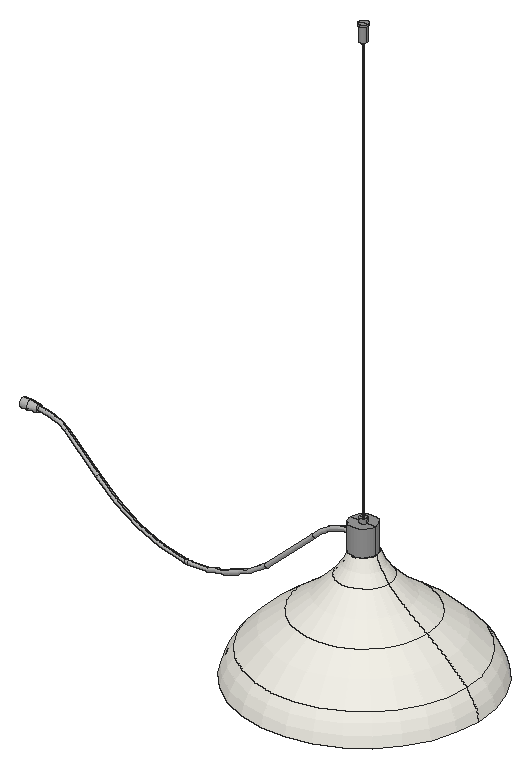
Revit family "Haworth_Swell_StringsOneLight", category Lighting Fixtures, Revit 2018
Family settings
  Round Connector Dimension = Use Diameter
  Part Type = Normal
  OmniClass Number = 23.80.70.11.14
  OmniClass Title = General Luminaries, Directional
  Work Plane-Based = No
  Always vertical = Yes
  Cut with Voids When Loaded = No
  Light Source = Yes
  Shared = No
  Room Calculation Point = No
Parameters (values of type "LSP2-1610")
  Wattage = 11 W
  built-in parameter 1150110 = 1 (stored number, unit not read)
  built-in parameter 1114217 = 1 (stored number, unit not read)
  Top Finish = Haworth _ Metal _ Stainless Steel
  Tilt Angle = 60.00°
  built-in parameter 1150109 = 1 (stored number, unit not read)
  built-in parameter 1150134 = (empty or 0)
  built-in parameter 1150113 = 1 (stored number, unit not read)
  Small = no
  Size = "Verify Final Dim. w/Haworth"  # constant formula
  Photometric Web File = "generic"
  built-in parameter 1150142 = (empty or 0)
  Medium = no
  built-in parameter 1150105 = 63.901 (stored number, unit not read)
  Lumens = 803 lm
  built-in parameter 1150115 = 1 (stored number, unit not read)
  built-in parameter 1150137 = (empty or 0)
  built-in parameter 1150139 = (empty or 0)
  Large = not(or(Small, Medium))  # yes
  built-in parameter 1150112 = 1 (stored number, unit not read)
  built-in parameter 1150114 = 1 (stored number, unit not read)
  built-in parameter 1150132 = (empty or 0)
  built-in parameter 1150102 = (empty or 0)
  built-in parameter 1150107 = 3000 (stored number, unit not read)
  built-in parameter 1150138 = (empty or 0)
  built-in parameter 1150106 = 0.63901 (stored number, unit not read)
  Emit from Circle Diameter = 24"
  Emit Shape Visible in Rendering = no
  built-in parameter 1150104 = 6.7819 (stored number, unit not read)
  Dimming Lamp Color Temperature Shift = <None>
  Cords Finish = Haworth _ Paint _ Metallic Silver
  Wattage Comments = ""
  Warranty = "https://www.haworth.com/resources/product-info/warranties"
  URL - Product = "https://www.haworth.com/products/lighting/pendant/swell"
  URL = "http://www.haworth.com/our-brands/haworth-collection"
  Revision Number = "1"  # constant formula
  Model = "LSP2-1610"
  Manufacturer = "Haworth"  # constant formula
  Lamp Finish [instance] = Haworth _ Paint _ Collection White
  Glass Finish = Haworth _ Glass _ Clear
  Description = "Haworth Swell String with One Light Large"
  Color Filter = 16777215
  built-in parameter 1114218 = 1 (stored number, unit not read)
  Author = "Haworth (Abd Rahman)"  # constant formula
  built-in parameter 1150133 = 10 (stored number, unit not read)
  Assembly Code = "D5020200"
  Actual Width = if(Small, 8", if(Medium, 12", 16"))  # 16"
  Actual Height = 120"  # constant formula
  Actual Depth = if(Small, 8", if(Medium, 12", 16"))  # 16"
Types (3): name | Small | Medium | Large | Model | Description | Actual Width | Actual Depth
  LSP2-0810 | yes | no | no | "LSP2-0810" | "Haworth Swell String with One Light Small" | 8" | 8"
  LSP2-1210 | no | yes | no | "LSP2-1210" | "Haworth Swell String with One Light Medium" | 12" | 12"
  LSP2-1610 | no | no | yes | "LSP2-1610" | "Haworth Swell String with One Light Large" | 16" | 16"
Reference planes (in)
  plane 1 "Center F/B": y = 8.82887
  plane 2 "Base": z = 0
  plane 3 "Cord Top": z = 120
  plane 4 "Cord": z = 119.9243
  plane 5: x = -22.32234
  plane 6: x = 9.56357
  plane 7: y = 16.82887
  plane 8: y = 0.82887
  plane 9: x = -6.43643
  plane 10: x = 1.56357
Forms (in)
  Revolve 1, solid, material "Haworth _ Metal _ Stainless Steel" <- "Top Finish", visible <- "Small"
    sketch origin (-14.90221, 8.89172, 25.61219) x (-1, 0, 0) y (0, 0, 1)
      loop
        line (-16.34139, 63.17182) -> (-16.34139, 63.07636) -> (-15.54454, 63.07636) -> (-15.54454, 63.17182) -> (-16.34139, 63.17182)
      axis (-16.34139, 63.17182) -> (-16.34139, 63.07636)
    angle from 0 to 360
  Revolve 2, solid, material "Haworth _ Metal _ Stainless Steel" <- "Top Finish"
    sketch origin (-14.90221, 8.89172, 25.61219) x (-1, 0, 0) y (0, 0, 1)
      loop
        line (-15.46713, 63.17182) -> (-16.34139, 63.17182) -> (-16.34139, 61.41027) -> (-15.46713, 61.41027) -> (-15.46713, 63.17182)
      axis (-16.34139, 63.17182) -> (-16.34139, 61.41027)
    angle from 0 to 360
  Revolve 3, solid, material "Haworth _ Metal _ Stainless Steel" <- "Top Finish"
    sketch origin (-14.90047, 8.90164, 0.58881) x (-1, 0, 0) y (0, 0, 1)
      loop
        line (-16.34729, 119.41119) -> (-16.34729, 88.19585) -> (-16.11107, 88.19585) -> (-16.11107, 88.4616) -> (-16.30793, 88.4616) -> (-16.30793, 118.15135) -> (-16.26855, 118.15135) -> (-16.26855, 118.30883) -> (-16.11107, 118.30883) -> (-16.11107, 119.33264) -> (-16.03233, 119.33264) -> (-16.03233, 119.41119) -> (-16.34729, 119.41119)
      axis (-16.34729, 119.41119) -> (-16.34729, 88.19585)
    angle from 0 to 360
  Revolve 4, solid, material "Haworth _ Paint _ Metallic Silver" <- "Cords Finish"
    sketch origin (-39.4771, 8.90164, 0) x (-1, 0, 0) y (0, 0, 1)
      loop
        line (-18.25285, 87.91903) -> (-18.25285, 87.69241) -> (-17.66233, 87.6054) -> (-17.15475, 87.6054) -> (-17.15475, 87.91903) -> (-18.25285, 87.91903)
      axis (-18.25285, 87.91903) -> (-17.15475, 87.91903)
    angle from 0 to 360
  Sweep 5, solid, material "Haworth _ Paint _ Metallic Silver" <- "Cords Finish"
    path origin (-39.4831, 8.90164, 0) x (-1, 0, 0) y (0, 0, 1)
      loop
        arc (-40.05168, 87.92374) -> (-38.67453, 87.56327) -> (-37.5262, 86.72194) r 3.80541
        arc (-37.5262, 86.72194) -> (-35.90997, 85.12457) -> (-34.16856, 83.66469) r 27.76935
        arc (-34.16856, 83.66469) -> (-31.60978, 82.31942) -> (-28.74663, 81.92005) r 8.41041
        arc (-28.74663, 81.92005) -> (-28.63519, 81.92697) -> (-28.52432, 81.9401) r 2
        arc (-28.52432, 81.9401) -> (-25.18223, 83.02809) -> (-22.38971, 85.16235) r 10.45271
        arc (-22.38971, 85.16235) -> (-21.3176, 86.24099) -> (-20.17655, 87.24642) r 23
        arc (-20.17655, 87.24642) -> (-19.27749, 87.75322) -> (-18.25885, 87.91913) r 2.94838
    profile origin (-0.80857, 8.90164, 87.56327) x (-0.429697, 0, 0.902973) y (0, 1, 0)
      loop
        circle (0, 0) r 0.125
Lines and regions (in)
  Masking region 1
    outline origin (24.625, -1.39874, 90.88819) x (0, 1, 0) y (-1, 0, 0)
      loop
        line (9.98675, 46.94734) -> (9.98675, 46.39613) -> (10.07375, 45.80561) -> (10.17533, 45.80561) -> (10.17533, 27.13961)
        arc (10.17533, 27.13961) -> (10.3007, 27.13995) -> (10.42606, 27.13961) r 23.36559
        line (10.42606, 27.13961) -> (10.42606, 45.80561) -> (10.527, 45.80561) -> (10.61401, 46.39613) -> (10.61401, 46.94734) -> (9.98675, 46.94734)
      loop
        circle (10.26913, 23.18569) r 0.85062
      loop
        circle (10.26913, 23.18569) r 0.90867
  symbolic lines, style "Haworth", visible <- "Small"
    curve 1: arc (-2.41547, 9.02746, 90.88819) -> (-2.41869, 8.90246, 90.88819) -> (-2.41547, 8.77746, 90.88819) r 2.42583
Dimensions and locks (in)
  "Actual Height": plane 3 "Cord Top" to plane 2 "Base"
  "Actual Width": plane 9 to plane 6
  equal spacing: plane 9, plane 10, plane 6
  equal spacing: plane 8, plane 1 "Center F/B", plane 7
  "Actual Depth": plane 8 to plane 7
  aligned and locked: Revolve 2 sketch curve to Revolve 1
  aligned and locked: Revolve 3 sketch curve to Revolve 3 sketch curve
  aligned and locked: Revolve 4 sketch curve to Revolve 4 sketch curve  (x2)
  aligned and locked: nested 1 to nested 3
  aligned and locked: nested 2 to nested 3
  aligned and locked: Revolve 2 to Revolve 2
  aligned and locked: nested 2 to Revolve 2
  aligned and locked: nested 1 to Revolve 2
  aligned and locked: plane 5 to Revolve 4
  aligned and locked: plane 10 to nested 3
  aligned and locked: nested 3 to plane 1 "Center F/B"
Automatic sketch dimensions
  curve 1 to plane 1 "Center F/B" = 0.07359"
  plane 1 "Center F/B" to curve 1 = 0.05141"
  curve 1 to plane 1 "Center F/B" = 0.19859"
  curve 1 to curve 1 = 2.42261"
  Revolve 1 sketch curve to Revolve 1 sketch curve = 0.79685"
  Revolve 1 sketch curve to plane 4 "Cord" = 31.23575"
  Revolve 1 sketch curve to Revolve 1 sketch curve = 0.09546"
  Revolve 1 sketch curve to Revolve 1 sketch curve = 0"  (x3)
  Revolve 2 sketch curve to Revolve 2 sketch curve = 0.87427"
  Revolve 2 sketch curve to Revolve 2 sketch curve = 1.76155"
  Revolve 2 sketch curve to Revolve 2 sketch curve = 0"  (x3)
  Revolve 3 sketch curve to plane 3 "Cord Top" = 0"
  Revolve 3 sketch curve to Revolve 3 sketch curve = 0.03936"
  Revolve 3 sketch curve to Revolve 3 sketch curve = 0.03937"
  Revolve 3 sketch curve to Revolve 3 sketch curve = 0.15748"  (x2)
  Revolve 3 sketch curve to Revolve 3 sketch curve = 0.19686"
  Revolve 3 sketch curve to plane 4 "Cord" = 0.00285"
  Revolve 3 sketch curve to Revolve 3 sketch curve = 0.07874"
  Revolve 3 sketch curve to plane 4 "Cord" = 1.02666"
  Revolve 3 sketch curve to Revolve 3 sketch curve = 29.68975"
  Revolve 3 sketch curve to Revolve 3 sketch curve = 0.26575"
  Revolve 3 sketch curve to Revolve 3 sketch curve = 0"
  Revolve 3 sketch curve to plane 3 "Cord Top" = 0.00236"
  Masking region 1 sketch curve to Masking region 1 sketch curve = 0"  (x4)
  plane 1 "Center F/B" to Masking region 1 sketch curve = 0.24086"
  plane 1 "Center F/B" to Masking region 1 sketch curve = 0.15385"
  plane 1 "Center F/B" to Masking region 1 sketch curve = 0.05228"
  Masking region 1 sketch curve to plane 1 "Center F/B" = 0.04152"
  Masking region 1 sketch curve to plane 1 "Center F/B" = 0.07309"
  Masking region 1 sketch curve to plane 1 "Center F/B" = 0.19846"
  Masking region 1 sketch curve to Masking region 1 sketch curve = 0.10094"
  Masking region 1 sketch curve to plane 1 "Center F/B" = 0.3864"
  Masking region 1 sketch curve to Masking region 1 sketch curve = 3.95393"
  Masking region 1 sketch curve to Masking region 1 sketch curve = 0.59052"  (x2)
  Masking region 1 sketch curve to Masking region 1 sketch curve = 0.55121"
  Sweep 5 sketch curve to profile plane = 0"
  profile plane to Sweep 5 sketch curve = 0"
  Revolve 4 sketch curve to Revolve 4 sketch curve = 0.59052"
  Revolve 4 sketch curve to Revolve 4 sketch curve = 0.50758"
  Revolve 4 sketch curve to plane 4 "Cord" = 32.31889"
  Revolve 4 sketch curve to Revolve 4 sketch curve = 0.087"
  Revolve 4 sketch curve to Revolve 4 sketch curve = 0.31363"
  Revolve 4 sketch curve to Revolve 4 sketch curve = 0.04363"
  Sweep 5 sketch curve to Sweep 5 sketch curve = 1.00927"
  Sweep 5 sketch curve to plane 4 "Cord" = 50.42775"
  Sweep 5 sketch curve to Sweep 5 sketch curve = 14.42234"
  Sweep 5 sketch curve to Sweep 5 sketch curve = 0.2082"
  Sweep 5 sketch curve to Sweep 5 sketch curve = 1.05217"
  Sweep 5 sketch curve to Sweep 5 sketch curve = 6.40668"
  Sweep 5 sketch curve to Sweep 5 sketch curve = 1.95636"
  Sweep 5 sketch curve to plane 4 "Cord" = 14.26685"
  Sweep 5 sketch curve to Sweep 5 sketch curve = 0.25802"
  Sweep 5 sketch curve to Sweep 5 sketch curve = 2.52549"
  Sweep 5 sketch curve to Sweep 5 sketch curve = 0"  (x6)
  Sweep 5 sketch curve to Sweep 5 sketch curve = 1.9177"
  Masking region 1 sketch curve to Masking region 1 sketch curve = 19.41133"
  Masking region 1 sketch curve to Masking region 1 sketch curve = 18.666"
  Sweep 5 sketch curve to Sweep 5 sketch curve = 12.75174"
  Sweep 5 sketch curve to Sweep 5 sketch curve = 10.51334"
  Sweep 5 sketch curve to Sweep 5 sketch curve = 7/32"
  Sweep 5 sketch curve to Sweep 5 sketch curve = 11.49483"
  Sweep 5 sketch curve to Sweep 5 sketch curve = 12.82882"
  radius of Masking region 1 sketch curve = 0.85062"
  radius of Masking region 1 sketch curve = 0.90867"
  radius of Sweep 5 sketch curve = 1/8"
Nested families (in)
  nested 1: "Haworth_Swell_Lamp" at (-14.77782, 17.71563, 25.61219) x (-1, 0, 0) z (0, 0, 1), Lamp Finish <- "Lamp Finish", visible <- "Medium", Medium <- "Medium", Large <- "Large", Small <- "Small", type "Medium"
    with Small no, Medium no, Large yes, Lamp Finish Haworth _ Paint _ Collection White
  nested 2: "Haworth_Swell_Lamp" at (-14.77782, 17.67261, 25.61219) x (-1, 0, 0) z (0, 0, 1), Lamp Finish <- "Lamp Finish", visible <- "Large", Large <- "Large", type "Large"
    with Small no, Medium no, Large yes, Lamp Finish Haworth _ Paint _ Collection White
  nested 3: "Haworth_Swell_Lamp" at (-14.77782, 17.65773, 25.60937) x (-1, 0, 0) z (0, 0, 1), visible <- "Small", Lamp Finish <- "Glass Finish", Small <- "Small", type "Small"
    with Small no, Medium no, Large no, Lamp Finish Haworth _ Glass _ Clear
Connectors (in)
  electrical at (1.44682, 8.90164, 120)
    settings: on Revolve 3, index 1, voltage 0 V, apparent load 0 VA, apparent load phase1 0 VA, apparent load phase2 0 VA, apparent load phase3 0 VA, power factor 1, load classification "Other", number of poles 1, system type 31, power factor state 1, is connector primary yes, connector utility no, sub classification motor no, connector description ""
Definition of nested family "Haworth_Swell_Lamp"
  Parameters (values of type "Large")
    Wattage Comments = ""
    Wattage = 11 W
    built-in parameter 1150110 = 1 (stored number, unit not read)
    built-in parameter 1114217 = 1 (stored number, unit not read)
    Tilt Angle = 60.00°
    built-in parameter 1150109 = 1 (stored number, unit not read)
    built-in parameter 1150134 = (empty or 0)
    built-in parameter 1150113 = 1 (stored number, unit not read)
    Small [instance] = no
    Size = "Verify Final Dim. w/Haworth"  # constant formula
    Photometric Web File = "generic"
    built-in parameter 1150142 = (empty or 0)
    Medium [instance] = no
    built-in parameter 1150105 = 63.901 (stored number, unit not read)
    Lumens = 803 lm
    built-in parameter 1150115 = 1 (stored number, unit not read)
    built-in parameter 1150137 = (empty or 0)
    built-in parameter 1150139 = (empty or 0)
    Large [instance] = yes
    built-in parameter 1150112 = 1 (stored number, unit not read)
    built-in parameter 1150114 = 1 (stored number, unit not read)
    Interior Finish = none
    built-in parameter 1150132 = (empty or 0)
    built-in parameter 1150102 = (empty or 0)
    built-in parameter 1150107 = 3000 (stored number, unit not read)
    built-in parameter 1150138 = (empty or 0)
    built-in parameter 1150106 = 0.63901 (stored number, unit not read)
    Emit from Circle Diameter = 24"
    Emit Shape Visible in Rendering = no
    built-in parameter 1150104 = 6.7819 (stored number, unit not read)
    Dimming Lamp Color Temperature Shift = (empty or 0)
    Color Filter = 16777215
    Warranty = "https://www.haworth.com/resources/product-info/warranties"
    URL - Product = "https://www.haworth.com/products/lighting/pendant/swell"
    URL = "http://www.haworth.com/our-brands/haworth-collection"
    Revision Number = "1"  # constant formula
    Model = "LSP2-1610"
    Manufacturer = "Haworth"  # constant formula
    Lamp Finish [instance] = none
    Glass Finish = none
    Description = "Haworth Swell\""
    built-in parameter 1114218 = 1 (stored number, unit not read)
    Author = "Haworth (Abd Rahman)"  # constant formula
    built-in parameter 1150133 = 10 (stored number, unit not read)
    Assembly Code = "D5020200"
    Actual Width = 24"  # constant formula
    Actual Height = 10"  # constant formula
    Actual Depth = 24"  # constant formula
  Types (3): name | Small | Medium | Large
    Medium | no | yes | no
    Small | yes | no | no
    Large | no | no | yes
  Reference planes (in)
    plane 1 "Center F/B": y = 8.82887
    plane 2 "Base": z = 0
    plane 3 "Center L/R": x = -16.34139
    plane 4: x = -24.34139
    plane 5: x = -8.34139
    plane 6: y = 16.82887
    plane 7: y = 0.82887
  Forms (in)
    Revolve 1, solid, material <- "Lamp Finish", visible <- "Large"
      sketch origin (0, 8.82887, 0) x (1, 0, 0) y (0, 0, 1)
        loop
          arc (-8.34139, 53.52668) -> (-8.64289, 54.4871) -> (-9.19615, 55.32805) r 3.63614
          arc (-9.19615, 55.32805) -> (-10.50598, 56.62104) -> (-11.9858, 57.71538) r 12.95588
          arc (-11.9858, 57.71538) -> (-13.3787, 58.74808) -> (-14.60823, 59.97073) r 12
          arc (-14.60823, 59.97073) -> (-15.10188, 60.65219) -> (-15.46713, 61.41027) r 4.73535
          line (-15.46713, 61.41027) -> (-15.57549, 61.41027)
          arc (-15.57549, 61.41027) -> (-15.19885, 60.61656) -> (-14.68486, 59.90408) r 4.83691
          arc (-14.68486, 59.90408) -> (-13.44492, 58.67108) -> (-12.04024, 57.62964) r 12.10156
          arc (-12.04024, 57.62964) -> (-10.57201, 56.54388) -> (-9.27245, 55.26102) r 12.85432
          arc (-9.27245, 55.26102) -> (-8.73464, 54.44356) -> (-8.44157, 53.50997) r 3.53458
          line (-8.44157, 53.50997) -> (-8.34139, 53.52668)
        axis (-16.34139, 61.41027) -> (-16.34139, 53.50997)
      angle from 0 to 360
    Revolve 2, solid, material <- "Lamp Finish", visible <- "Medium"
      sketch origin (0, 8.82887, 0) x (1, 0, 0) y (0, 0, 1)
        loop
          arc (-10.8012, 53.50997) -> (-11.61647, 54.84202) -> (-12.50384, 56.12717) r 28.35728
          arc (-12.50384, 56.12717) -> (-13.37857, 57.34071) -> (-14.23551, 58.56687) r 102.56906
          arc (-14.23551, 58.56687) -> (-14.82885, 59.5815) -> (-15.26711, 60.67212) r 8
          arc (-15.26711, 60.67212) -> (-15.37523, 61.039) -> (-15.46713, 61.41027) r 8.70317
          line (-15.46713, 61.41027) -> (-15.57118, 61.41027)
          arc (-15.57118, 61.41027) -> (-15.47623, 61.02343) -> (-15.36387, 60.64128) r 8.80473
          arc (-15.36387, 60.64128) -> (-14.92005, 59.53681) -> (-14.31918, 58.5093) r 8.10156
          arc (-14.31918, 58.5093) -> (-13.46139, 57.28192) -> (-12.5858, 56.06718) r 102.67062
          arc (-12.5858, 56.06718) -> (-11.7016, 54.78664) -> (-10.88925, 53.45936) r 28.25572
          arc (-10.88925, 53.45936) -> (-10.52055, 52.48882) -> (-10.47302, 51.4517) r 3.28614
          line (-10.47302, 51.4517) -> (-10.37083, 51.4517)
          arc (-10.37083, 51.4517) -> (-10.42227, 52.51507) -> (-10.8012, 53.50997) r 3.3877
        axis (-16.34139, 61.41027) -> (-16.34139, 51.4517)
      angle from 0 to 360
    Revolve 3, solid, material <- "Lamp Finish", visible <- "Small"
      sketch origin (0, 8.82887, 0) x (1, 0, 0) y (0, 0, 1)
        loop
          line (-15.49506, 61.41027) -> (-15.59792, 61.41027)
          arc (-15.59792, 61.41027) -> (-15.2102, 59.55642) -> (-14.64788, 57.74785) r 19.88718
          arc (-14.64788, 57.74785) -> (-14.52716, 57.43632) -> (-14.39369, 57.13003) r 8.10156
          arc (-14.39369, 57.13003) -> (-13.6727, 55.41442) -> (-13.06897, 53.65412) r 27.59713
          arc (-13.06897, 53.65412) -> (-12.60668, 51.57707) -> (-12.47129, 49.4535) r 13.71211
          line (-12.47129, 49.4535) -> (-12.36972, 49.4535)
          arc (-12.36972, 49.4535) -> (-12.50623, 51.59208) -> (-12.97185, 53.68381) r 13.81367
          arc (-12.97185, 53.68381) -> (-13.5778, 55.45059) -> (-14.30144, 57.17251) r 27.69869
          arc (-14.30144, 57.17251) -> (-14.43323, 57.47496) -> (-14.55245, 57.78259) r 8
          arc (-14.55245, 57.78259) -> (-15.10985, 59.57406) -> (-15.49506, 61.41027) r 19.78562
        axis (-16.34139, 49.4535) -> (-16.34139, 61.41027)
      angle from 0 to 360
    Revolve 4, solid, material <- "Glass Finish"
      sketch origin (0, 8.82887, 0) x (1, 0, 0) y (0, 0, 1)
        loop
          line (-15.59106, 61.41027) -> (-15.69708, 61.41027)
          arc (-15.69708, 61.41027) -> (-15.5311, 60.47676) -> (-15.58934, 59.5304) r 4.00299
          line (-15.58934, 59.5304) -> (-15.65302, 59.5304)
          arc (-15.65302, 59.5304) -> (-15.56408, 59.02761) -> (-15.32462, 58.57664) r 1.6378
          arc (-15.32462, 58.57664) -> (-15.3004, 58.48763) -> (-15.344, 58.40635) r 0.12465
          line (-15.344, 58.40635) -> (-15.26556, 58.40635)
          arc (-15.26556, 58.40635) -> (-15.17866, 58.51476) -> (-15.24344, 58.63767) r 0.12669
          arc (-15.24344, 58.63767) -> (-15.46805, 59.06067) -> (-15.55148, 59.53229) r 1.53624
          line (-15.55148, 59.53229) -> (-15.48581, 59.53229)
          arc (-15.48581, 59.53229) -> (-15.42941, 60.47739) -> (-15.59106, 61.41027) r 4.10456
        axis (-16.34139, 61.41027) -> (-16.34139, 58.40635)
      angle from 0 to 360
  Lines and regions (in)
    Masking region 1, visible <- "Large"
      outline origin (0, 0, 0) x (1, 0, 0) y (0, 1, 0)
        loop
          circle (-16.34139, 8.82887) r 8
        loop
          circle (-16.34139, 8.82887) r 7.89982
    Masking region 2, visible <- "Medium"
      outline origin (0, 0, 0) x (1, 0, 0) y (0, 1, 0)
        loop
          circle (-16.34139, 8.82887) r 5.97056
        loop
          circle (-16.34139, 8.82887) r 5.86837
    Masking region 3, visible <- "Small"
      outline origin (0, 0, 0) x (1, 0, 0) y (0, 1, 0)
        loop
          circle (-16.34139, 8.82887) r 3.97167
        loop
          circle (-16.34139, 8.82887) r 3.8701
    symbolic lines, detail levels medium+fine
      curve 1: circle (-16.34139, 8.82887, 0) r 1.1676 normal (0, 0, 1)
      curve 2: circle (-16.34139, 8.82887, 0) r 1.09796 normal (0, 0, 1)
  Dimensions and locks (in)
    plane 6 to plane 7 = 16"
    plane 5 to plane 4 = 16"
    Revolve 1 sketch curve to plane 5 = 8"
    aligned and locked: plane 5 to Revolve 1
    aligned and locked: plane 4 to Revolve 1
    aligned and locked: Revolve 3 to Revolve 4
